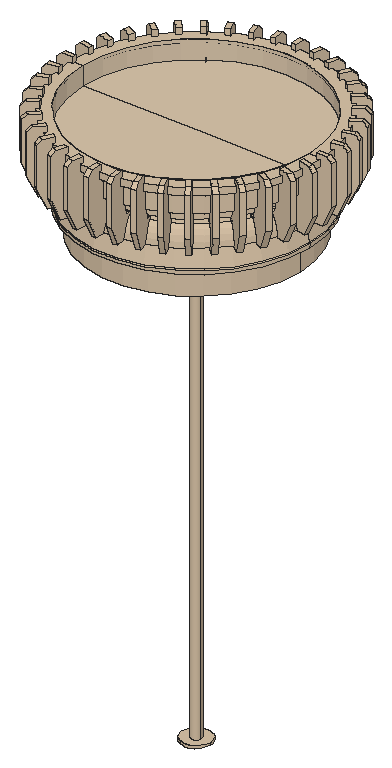
Revit family "KHL_Kemlux-Pendant", category Lighting Fixtures, host Face, Revit 2013 (continued)
Definition of nested family "KHL"
  Automatic sketch dimensions
    Extrusion 37 sketch curve to Extrusion 37 sketch curve = 0' - 0 1/4"  (x2)
    Extrusion 37 sketch curve to Extrusion 37 sketch curve = 0' - 0.39395"
    Extrusion 37 sketch curve to Extrusion 37 sketch curve = 0' - 1.02515"
    Extrusion 37 sketch curve to Extrusion 37 sketch curve = 0' - 0.67103"
    Extrusion 37 sketch curve to Extrusion 37 sketch curve = 0' - 1.93305"
    Extrusion 37 sketch curve to Extrusion 37 sketch curve = 0' - 0.08345"
    Extrusion 38 sketch curve to Extrusion 38 sketch curve = 0' - 0 7/16"
    Extrusion 38 sketch curve to Extrusion 38 sketch curve = 0' - 0.13206"
    Extrusion 38 sketch curve to Extrusion 38 sketch curve = 0' - 0.295"
    Extrusion 38 sketch curve to Extrusion 38 sketch curve = 0' - 0.38321"
    Extrusion 38 sketch curve to Extrusion 38 sketch curve = 0' - 0.43044"
    Extrusion 38 sketch curve to Extrusion 38 sketch curve = 0' - 0.57179"
    Extrusion 38 sketch curve to Extrusion 38 sketch curve = 0' - 0 1/4"  (x2)
    Extrusion 38 sketch curve to Extrusion 38 sketch curve = 0' - 0.39395"
    Extrusion 38 sketch curve to Extrusion 38 sketch curve = 0' - 1.02515"
    Extrusion 38 sketch curve to Extrusion 38 sketch curve = 0' - 0.67103"
    Extrusion 38 sketch curve to Extrusion 38 sketch curve = 0' - 1.93305"
    Extrusion 38 sketch curve to Extrusion 38 sketch curve = 0' - 0.08345"
    Extrusion 39 sketch curve to Extrusion 39 sketch curve = 0' - 0 7/16"
    Extrusion 39 sketch curve to Extrusion 39 sketch curve = 0' - 0.13206"
    Extrusion 39 sketch curve to Extrusion 39 sketch curve = 0' - 0.295"
    Extrusion 39 sketch curve to Extrusion 39 sketch curve = 0' - 0.38321"
    Extrusion 39 sketch curve to Extrusion 39 sketch curve = 0' - 0.43044"
    Extrusion 39 sketch curve to Extrusion 39 sketch curve = 0' - 0.57179"
    Extrusion 39 sketch curve to Extrusion 39 sketch curve = 0' - 0 1/4"  (x2)
    Extrusion 39 sketch curve to Extrusion 39 sketch curve = 0' - 0.39395"
    Extrusion 39 sketch curve to Extrusion 39 sketch curve = 0' - 1.02515"
    Extrusion 39 sketch curve to Extrusion 39 sketch curve = 0' - 0.67103"
    Extrusion 39 sketch curve to Extrusion 39 sketch curve = 0' - 1.93305"
    Extrusion 39 sketch curve to Extrusion 39 sketch curve = 0' - 0.08345"
    Extrusion 40 sketch curve to Extrusion 40 sketch curve = 0' - 0 7/16"
    Extrusion 40 sketch curve to Extrusion 40 sketch curve = 0' - 0.13206"
    Extrusion 40 sketch curve to Extrusion 40 sketch curve = 0' - 0.295"
    Extrusion 40 sketch curve to Extrusion 40 sketch curve = 0' - 0.38321"
    Extrusion 40 sketch curve to Extrusion 40 sketch curve = 0' - 0.43044"
    Extrusion 40 sketch curve to Extrusion 40 sketch curve = 0' - 0.57179"
    Extrusion 40 sketch curve to Extrusion 40 sketch curve = 0' - 0 1/4"  (x2)
    Extrusion 40 sketch curve to Extrusion 40 sketch curve = 0' - 0.39395"
    Extrusion 40 sketch curve to Extrusion 40 sketch curve = 0' - 1.02515"
    Extrusion 40 sketch curve to Extrusion 40 sketch curve = 0' - 0.67103"
    Extrusion 40 sketch curve to Extrusion 40 sketch curve = 0' - 1.93305"
    Extrusion 40 sketch curve to Extrusion 40 sketch curve = 0' - 0.08345"
    Extrusion 41 sketch curve to Extrusion 41 sketch curve = 0' - 0 7/16"
    Extrusion 41 sketch curve to Extrusion 41 sketch curve = 0' - 0.13206"
    Extrusion 41 sketch curve to Extrusion 41 sketch curve = 0' - 0.295"
    Extrusion 41 sketch curve to Extrusion 41 sketch curve = 0' - 0.38321"
    Extrusion 41 sketch curve to Extrusion 41 sketch curve = 0' - 0.43044"
    Extrusion 41 sketch curve to Extrusion 41 sketch curve = 0' - 0.57179"
    Extrusion 41 sketch curve to Extrusion 41 sketch curve = 0' - 0 1/4"  (x2)
    Extrusion 41 sketch curve to Extrusion 41 sketch curve = 0' - 0.39395"
    Extrusion 41 sketch curve to Extrusion 41 sketch curve = 0' - 1.02515"
    Extrusion 41 sketch curve to Extrusion 41 sketch curve = 0' - 0.67103"
    Extrusion 41 sketch curve to Extrusion 41 sketch curve = 0' - 1.93305"
    Extrusion 41 sketch curve to Extrusion 41 sketch curve = 0' - 0.08345"
    Extrusion 42 sketch curve to Extrusion 42 sketch curve = 0' - 0 7/16"
    Extrusion 42 sketch curve to Extrusion 42 sketch curve = 0' - 0.13206"
    Extrusion 42 sketch curve to Extrusion 42 sketch curve = 0' - 0.295"
    Extrusion 42 sketch curve to Extrusion 42 sketch curve = 0' - 0.38321"
    Extrusion 42 sketch curve to Extrusion 42 sketch curve = 0' - 0.43044"
    Extrusion 42 sketch curve to Extrusion 42 sketch curve = 0' - 0.57179"
    Extrusion 42 sketch curve to Extrusion 42 sketch curve = 0' - 0 1/4"  (x2)
    Extrusion 42 sketch curve to Extrusion 42 sketch curve = 0' - 0.39395"
    Extrusion 42 sketch curve to Extrusion 42 sketch curve = 0' - 1.02515"
    Extrusion 42 sketch curve to Extrusion 42 sketch curve = 0' - 0.67103"
    Extrusion 42 sketch curve to Extrusion 42 sketch curve = 0' - 1.93305"
    Extrusion 42 sketch curve to Extrusion 42 sketch curve = 0' - 0.08345"
    Extrusion 43 sketch curve to Extrusion 43 sketch curve = 0' - 0 7/16"
    Extrusion 43 sketch curve to Extrusion 43 sketch curve = 0' - 0.13206"
    Extrusion 43 sketch curve to Extrusion 43 sketch curve = 0' - 0.295"
    Extrusion 43 sketch curve to Extrusion 43 sketch curve = 0' - 0.38321"
    Extrusion 43 sketch curve to Extrusion 43 sketch curve = 0' - 0.43044"
    Extrusion 43 sketch curve to Extrusion 43 sketch curve = 0' - 0.57179"
    Extrusion 43 sketch curve to Extrusion 43 sketch curve = 0' - 0 1/4"  (x2)
    Extrusion 43 sketch curve to Extrusion 43 sketch curve = 0' - 0.39395"
    Extrusion 43 sketch curve to Extrusion 43 sketch curve = 0' - 1.02515"
    Extrusion 43 sketch curve to Extrusion 43 sketch curve = 0' - 0.67103"
    Extrusion 43 sketch curve to Extrusion 43 sketch curve = 0' - 1.93305"
    Extrusion 43 sketch curve to Extrusion 43 sketch curve = 0' - 0.08345"
    Revolve 2 sketch curve to plane 3 "Center (Left/Right)" = 0' - 0"  (x2)
    Revolve 2 sketch curve to plane 8 = 0' - 0 1/2"
    level to Revolve 2 sketch curve = 0' - 1 5/16"
    Revolve 2 sketch curve to plane 8 = 0' - 0.23742"
    Revolve 2 sketch curve to plane 8 = 0' - 0.39032"
    Revolve 2 sketch curve to plane 8 = 0' - 0.45302"
    Revolve 2 sketch curve to Revolve 2 sketch curve = 0' - 0.00969"
    Revolve 2 sketch curve to Revolve 2 sketch curve = 0' - 0.51192"
    plane 8 to Revolve 2 sketch curve = 0' - 0.70329"
    Revolve 2 sketch curve to Revolve 2 sketch curve = 0' - 0 1/4"
    Revolve 2 sketch curve to Revolve 2 sketch curve = 0' - 1 1/8"
    Revolve 2 sketch curve to level = 0' - 4 1/2"
    Revolve 2 sketch curve to Revolve 2 sketch curve = 0' - 0.16729"
    plane 4 to Revolve 2 sketch curve = 0' - 2 1/2"
    plane 8 to Revolve 2 sketch curve = 0' - 0"
Types (10): name | Wattage Comments | Wattage | Watt | Photometric Web File | Optics | built-in parameter 1150105 | Lumens | Lamp | built-in parameter 1150106 | Glass | built-in parameter 1150104 | Apparent Load
  (no name) | "43 Watts, 18 LEDs" | 43 W | 43 W | "KXL-18L-X-5K-5M.ies" | "Type V Square" | 345.6 (stored number, unit not read) | 4343 lm | "18 High Performanc LEDs" | 3.456 (stored number, unit not read) | Hubbell - White Glass | 9.3832 (stored number, unit not read) | 43 VA
  KHL-18L-X-5K-5M | "43 Watts, 18 LEDs" | 43 W | 43 W | "KXL-18L-X-5K-5M.ies" | "Type V Square" | 345.6 (stored number, unit not read) | 4343 lm | "18 High Performanc LEDs" | 3.456 (stored number, unit not read) | Hubbell - White Glass | 9.3832 (stored number, unit not read) | 43 VA
  KHL-18L-X-5K-5R | "43 Watts, 18 LEDs" | 43 W | 43 W | "KXL-18L-X-5K-5R.ies" | "Type V Rectangle" | 349.03 (stored number, unit not read) | 4386 lm | "18 High Performanc LEDs" | 3.4903 (stored number, unit not read) | none | 9.4761 (stored number, unit not read) | 43 VA
  KHL-18L-X-5K-N | "43 Watts, 18 LEDs" | 43 W | 43 W | "KXL-18L-X-5K-N.ies" | "Narrow" | 352.45 (stored number, unit not read) | 4429 lm | "18 High Performanc LEDs" | 3.5245 (stored number, unit not read) | none | 9.569 (stored number, unit not read) | 43 VA
  KHL-24L-X-5K-5M | "57 Watts, 24 LEDs" | 57 W | 57 W | "KXL-24L-X-5K-5M.ies" | "Type V Square" | 1765.2 (stored number, unit not read) | 5700 lm | "24 High Performanc LEDs" | 17.652 (stored number, unit not read) | none | 9.2903 (stored number, unit not read) | 57 VA
  KHL-24L-X-5K-5R | "57 Watts, 24 LEDs" | 57 W | 57 W | "KXL-24L-X-5K-5R.ies" | "Type V Rectangle" | 467.2 (stored number, unit not read) | 5871 lm | "24 High Performanc LEDs" | 4.672 (stored number, unit not read) | none | 9.569 (stored number, unit not read) | 57 VA
  KHL-24L-X-5K-N | "57 Watts, 24 LEDs" | 57 W | 57 W | "KXL-24L-X-5K-N.ies" | "Narrow" | 476.27 (stored number, unit not read) | 5985 lm | "24 High Performanc LEDs" | 4.7627 (stored number, unit not read) | none | 9.7548 (stored number, unit not read) | 57 VA
  KHL-36L-X-5K-5M | "86 Watts, 36 LEDs" | 86 W | 86 W | "KXL-36L-X-5K-5M.ies" | "Type V Square" | 677.52 (stored number, unit not read) | 8514 lm | "36 High Performanc LEDs" | 6.7752 (stored number, unit not read) | none | 9.1974 (stored number, unit not read) | 86 VA
  KHL-36L-X-5K-5R | "86 Watts, 36 LEDs" | 86 W | 86 W | "KXL-36L-X-5K-5R.ies" | "Type V Rectangle" | 698.05 (stored number, unit not read) | 8772 lm | "36 High Performanc LEDs" | 6.9805 (stored number, unit not read) | none | 9.4761 (stored number, unit not read) | 86 VA
  KHL-36L-X-5K-N | "86 Watts, 36 LEDs" | 86 W | 86 W | "KXL-36L-X-5K-N.ies" | "Type V Rectangle" | 718.58 (stored number, unit not read) | 9030 lm | "36 High Performanc LEDs" | 7.1858 (stored number, unit not read) | none | 9.7548 (stored number, unit not read) | 86 VA
